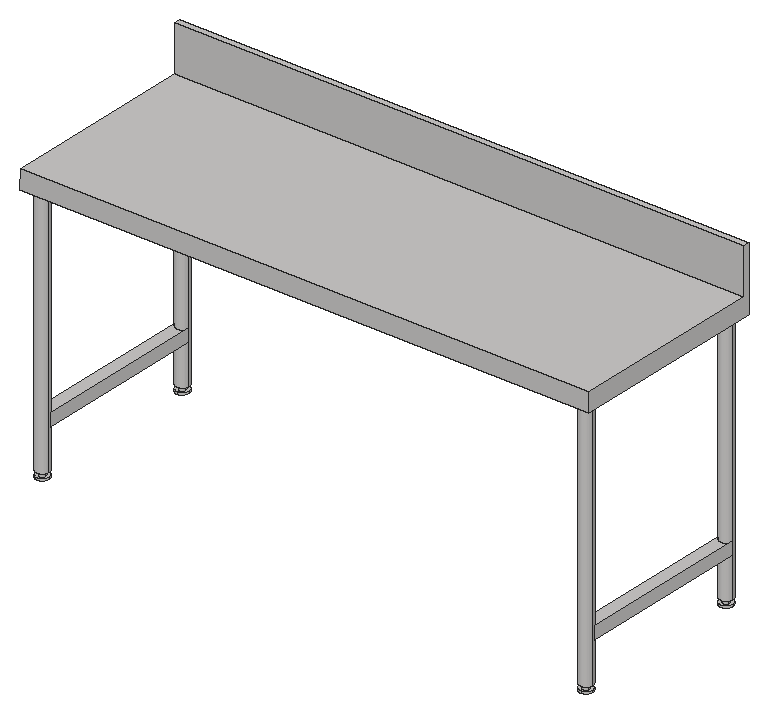
Revit family
Parameters (values of type "1850 X 650")
  URL = "http://www.autospec.co.za/browse.php?id=1644179283"
  Product Code = "None"
  OmniClass Title = ""
  OmniClass Number = ""
  Modspec Classification = ""
  Specification = ""
  Material = Stainless Steel Grade 304
  Location (revit room) = ""
  Description = ""
  Default Elevation = 0 mm
  Colour = none
  Body Finish = none
  Splashback Height = 150 mm
  Width = 650 mm
  Model = "Wall Benches Series W-1850 X 650"
  Manufacturer = "Kwikot"  # constant formula
  Length = 1850 mm
  Height = 1050 mm
  Assembly Code = "E1090300"
Reference planes
  plane 1 "Center (Front/Back)": y = 0
  plane 2 "Bottom": z = 0
  plane 3 "Center (Left/Right)": x = 0
  plane 4 "Left": x = -925
  plane 5 "Right": x = 925
  plane 6 "Front": y = -650
  plane 7 "Top": z = 1050
  plane 8: z = 900
  plane 9: z = 840
Forms (mm)
  Extrusion 1, solid, material "Stainless Steel Grade 304" <- "Material"
    sketch origin (-925, -491, 4000) x (0, -1, 0) y (0, 0, 1)
      loop
        line (-491, -3160) -> (159, -3160) -> (159, -3100) -> (-471, -3100) -> (-471, -2950) -> (-491, -2950) -> (-491, -3160)
    from 0 to -1850
  Extrusion 2, solid, material "Stainless Steel Grade 304" <- "Material"
    sketch origin (0, 0, 0) x (1, 0, 0) y (0, 1, 0)
      loop
        circle (-885, -610) r 21
      loop
        circle (-885, -40) r 21
      loop
        circle (885, -610) r 21
      loop
        circle (885, -40) r 21
    from 0 to 5
  Extrusion 3, solid, material "Stainless Steel Grade 304" <- "Material"
    sketch origin (0, 0, 0) x (1, 0, 0) y (0, 1, 0)
      loop
        circle (-885, -40) r 10
      loop
        circle (-885, -610) r 10
      loop
        circle (885, -610) r 10
      loop
        circle (885, -40) r 10
    from 5 to 20
  Extrusion 4, solid, material "Stainless Steel Grade 304" <- "Material"
    sketch origin (-779.234, -1524, 840) x (-1, 0, 0) y (0, -1, 0)
      loop
        circle (105.766, -1484) r 21
      loop
        circle (-1664.234, -1484) r 21
      loop
        circle (-1664.234, -914) r 21
      loop
        circle (105.766, -914) r 21
    from 0 to -820
  Extrusion 5, solid, material "Stainless Steel Grade 304" <- "Material"
    sketch origin (0, 0, 0) x (1, 0, 0) y (0, 1, 0)
      loop
        line (-906, -40) -> (-906, -610)
        arc (-906, -610) -> (-885, -589) -> (-864, -610) r 21
        line (-864, -610) -> (-864, -40)
        arc (-864, -40) -> (-885, -61) -> (-906, -40) r 21
      loop
        line (864, -40) -> (864, -610)
        arc (864, -610) -> (885, -589) -> (906, -610) r 21
        line (906, -610) -> (906, -40)
        arc (906, -40) -> (885, -61) -> (864, -40) r 21
    from 150 to 190
Lines and regions (mm)
  symbolic lines
    curve 1: line (-925, 0, 750) -> (-925, -650, 750)
    curve 2: line (925, 0, 750) -> (-925, 0, 750)
    curve 3: line (925, -650, 750) -> (925, 0, 750)
    curve 4: line (-925, -650, 750) -> (925, -650, 750)
    curve 5: line (-925, -20, 750) -> (925, -20, 750)
Dimensions and locks
  equal spacing: plane 4 "Left", plane 3 "Center (Left/Right)", plane 5 "Right"
  "Length": plane 4 "Left" to plane 5 "Right"
  "Width": plane 1 "Center (Front/Back)" to plane 6 "Front"
  "Height": plane 7 "Top" to level
  "Splashback Height": plane 7 "Top" to plane 8
  plane 8 to plane 9 = 60 mm
  plane 4 "Left" to Extrusion 2 sketch curve = 40 mm  (x2)
  Extrusion 2 sketch curve to plane 6 "Front" = 40 mm  (x2)
  Extrusion 2 sketch curve to plane 1 "Center (Front/Back)" = 40 mm  (x2)
  Extrusion 2 sketch curve to plane 5 "Right" = 40 mm  (x2)
  Extrusion 5 to plane 2 "Bottom" = 150 mm
  radius of Extrusion 2 sketch curve = 21 mm  (x4)
  aligned and locked: level to plane 2 "Bottom"
  aligned and locked: Extrusion 1 sketch curve to plane 9
  aligned and locked: Extrusion 1 sketch curve to plane 1 "Center (Front/Back)"
  aligned and locked: plane 8 to Extrusion 1 sketch curve
  aligned and locked: Extrusion 1 sketch curve to plane 6 "Front"
  aligned and locked: plane 7 "Top" to Extrusion 1 sketch curve
  aligned and locked: plane 4 "Left" to Extrusion 1
  aligned and locked: Extrusion 1 to plane 5 "Right"
  aligned and locked: Extrusion 4 sketch curve to Extrusion 2  (x8)
  aligned and locked: Extrusion 4 to Extrusion 3
  aligned and locked: Extrusion 5 sketch curve to Extrusion 4  (x4)
Automatic sketch dimensions
  plane 1 "Center (Front/Back)" to Extrusion 1 sketch curve = 20 mm
  plane 1 "Center (Front/Back)" to curve 2 = 0 mm
  curve 2 to plane 5 "Right" = 0 mm
  curve 1 to plane 4 "Left" = 0 mm
  curve 1 to plane 6 "Front" = 0 mm
  curve 1 to curve 5 = 20 mm
  Extrusion 3 sketch curve to plane 4 "Left" = 30 mm  (x2)
  Extrusion 3 sketch curve to Extrusion 3 sketch curve = 10 mm  (x4)
  plane 5 "Right" to Extrusion 3 sketch curve = 50 mm  (x2)
  plane 6 "Front" to Extrusion 3 sketch curve = 40 mm  (x2)
  plane 1 "Center (Front/Back)" to Extrusion 3 sketch curve = 40 mm  (x2)
  Extrusion 5 sketch curve to Extrusion 5 sketch curve = 0 mm
